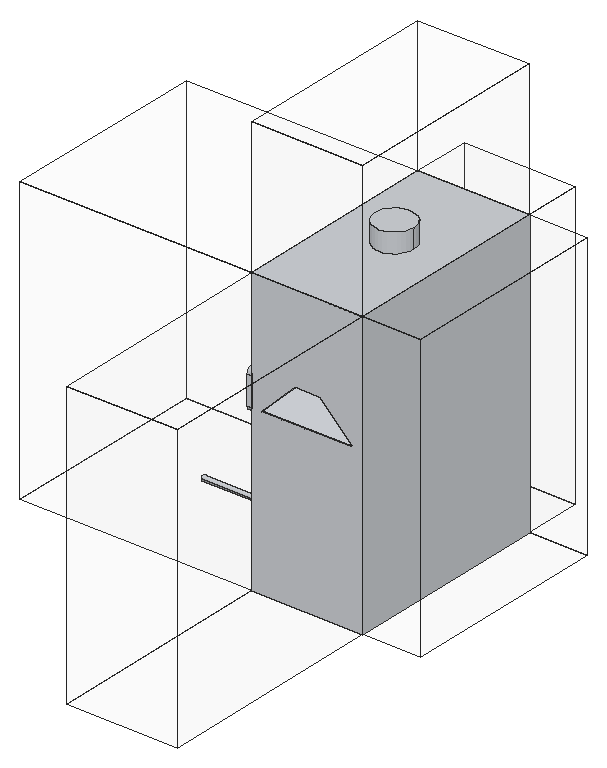
Revit family
Parameters (values of type "CBN045")
  void shape length = B_WIDTH - 2"  # 9 1/2"
  gas conn offset from back = 18 3/4"
  OUTPUT RATE (BTUH) = "36,900"
  A_HEIGHT = 29 1/2"
  B_WIDTH = 11 1/2"
  C_DEPTH = 21 1/2"
  DRAIN SIZE = 3/4"
  GAS CONN SIZE = gas conn radius * 2  # 1/2"
  VENT SIZE = vent radius * 2  # 4"
  WATER IN CONN SIZE = water inlet radius * 2  # 1 1/2"
  WATER OUT CONN SIZE = water outlet radius * 2  # 1 1/2"
  SES BIM Studio # = "201264901-31"
  Voltage/Heater = "120"
  Voltage/Control = "24"
  URL = "http://www.lochinvar.com/products/Default.aspx?type=ProductLine&lineid=17"
  Total Amps = "2"
  Model = "CBN045"
  Manufacturer = "Lochinvar"
  MODEL NO. = "CBN045"
  GALLON CAPACITY = ".8"
  INPUT RATE (BTUH) = "45,000"
  FUEL TYPE = "NATURAL GAS"
  Description = "Solution Boiler"
  Fuel Type = "Natural or LP"
  water conn height = 17"
  vent offset from back = 10 1/4"
  D_vent offset from right side = 5 3/4"
  gas conn offset from bottom = 6 3/4"
  front clearance = 24"
  gas conn radius = 1/4"
  left side clearance = 24"
  back clearance = 6"
  right side clearance = 6"
  top clearance = 14"
  vent radius = 2"
  water inlet radius = 3/4"
  water outlet radius = 3/4"
  # of Electrical Connections = "1"
Types (8): name | void shape length | OUTPUT RATE (BTUH) | B_WIDTH | GAS CONN SIZE | VENT SIZE | Model | MODEL NO. | GALLON CAPACITY | INPUT RATE (BTUH) | D_vent offset from right side | gas conn radius | top clearance | vent radius
  (no name) | 9 1/2" | "36,900" | 11 1/2" | 1/2" | 4" | "CBN045" | "CBN045" | ".8" | "45,000" | 5 3/4" | 1/4" | 14" | 2"
  CBN045 | 9 1/2" | "36,900" | 11 1/2" | 1/2" | 4" | "CBN045" | "CBN045" | ".8" | "45,000" | 5 3/4" | 1/4" | 14" | 2"
  CBN075 | 13 1/2" | "61.500" | 15 1/2" | 1/2" | 5" | "CBN075" | "CBN075" | ".8" | "75,000" | 7 3/4" | 1/4" | 14" | 2 1/2"
  CBN090 | 13 1/2" | "" | 15 1/2" | 1/2" | 5" | "CBN090" | "CBN090" | ".8" | "90,000" | 7 3/4" | 1/4" | 14" | 2 1/2"
  CBN135 | 17 1/2" | "" | 19 1/2" | 1/2" | 6" | "CBN135" | "CBN135" | ".8" | "135,000" | 9 3/4" | 1/4" | 14" | 3"
  CBN180 | 21 1/2" | "" | 23 1/2" | 3/4" | 7" | "CBN180" | "CBN180" | ".9" | "180,000" | 11 3/4" | 3/8" | 14" | 3 1/2"
  CBN215 | 24 1/2" | "" | 26 1/2" | 3/4" | 7" | "CBN215" | "CBN215" | ".9" | "215,000" | 13 1/4" | 3/8" | 29" | 3 1/2"
  CBN260 | 27 1/2" | "" | 29 1/2" | 3/4" | 8" | "CBN260" | "CBN260" | "1" | "260,000" | 14 3/4" | 3/8" | 29" | 4"
Reference planes (in)
  plane 1 "Center (Front/Back)": y = 2.33546
  plane 2: z = 0
  plane 3 "Center (Left/Right)": x = 0
  plane 4 "Rear Plane": y = 13.08546
  plane 5 "Front Plane": y = -8.41454
  plane 6 "Left Side Plane": x = -5.75
  plane 7 "Right Side Plane": x = 5.75
  plane 8 "Top Plane": z = 29.5
  plane 9 "Vent Offset from Rear": y = 2.83546
  plane 10 "Water Conn offset from bottom": z = 17
  plane 11 "Water conn offset from back": y = 6.08546
  plane 12 "Water conn center to center": y = -0.16454
  plane 13 "Gas conn offset from botton": z = 6.75
  plane 14 "Gas conn offset from back": y = -5.66454
  plane 15 "Vent Conn offset from back": y = 2.83546
  plane 16 "Vent conn offset from right side": x = 0
  plane 17 "air inlet offset from top": z = 28.5
  plane 18: x = 7.125
  plane 19 "air inlet bottom plane": z = 20.5
  plane 20 "front clearance": y = -32.41454
  plane 21 "left side clearance": x = -29.75
  plane 22 "right side clearance": x = 11.75
  plane 23: y = 19.08546
  plane 24: z = 43.5
  plane 25 "Void Shape": x = -4.75
Forms (in)
  Extrusion 1, solid
    sketch origin (0, 0, 0) x (1, 0, 0) y (0, 1, 0)
      loop
        line (-5.75, 13.08546) -> (-5.75, -8.41454) -> (5.75, -8.41454) -> (5.75, 13.08546) -> (-5.75, 13.08546)
    from 0 to 29.5
  Extrusion 2, solid
    sketch origin (-5.75, 9.75, 0) x (0, 1, 0) y (0, 0, 1)
      loop
        circle (-15.41454, 6.75) r 0.25
    from 0 to -7.25
  Extrusion 3, solid
    sketch origin (0, 0, 29.5) x (-1, 0, 0) y (0, -1, 0)
      loop
        circle (0, -2.83546) r 2
    from 0 to 2
  Extrusion 4, solid, material "Clearance"
    sketch origin (0, 0, 0) x (1, 0, 0) y (0, 1, 0)
      loop
        line (-5.75, -8.41454) -> (-5.75, -32.41454) -> (5.75, -32.41454) -> (5.75, -8.41454) -> (-5.75, -8.41454)
    from 0 to 29.5 <- "A_HEIGHT"
  Extrusion 5, solid, material "Clearance"
    sketch origin (0, 0, 0) x (1, 0, 0) y (0, 1, 0)
      loop
        line (-5.75, 13.08546) -> (-29.75, 13.08546) -> (-29.75, -8.41454) -> (-5.75, -8.41454) -> (-5.75, 13.08546)
    from 0 to 29.5 <- "A_HEIGHT"
  Extrusion 6, solid, material "Clearance"
    sketch origin (0, 0, 0) x (1, 0, 0) y (0, 1, 0)
      loop
        line (5.75, 13.08546) -> (5.75, -8.41454) -> (11.75, -8.41454) -> (11.75, 13.08546) -> (5.75, 13.08546)
    from 0 to 29.5 <- "A_HEIGHT"
  Extrusion 7, solid, material "Clearance"
    sketch origin (0, 0, 0) x (1, 0, 0) y (0, 1, 0)
      loop
        line (-5.75, 13.08546) -> (5.75, 13.08546) -> (5.75, 19.08546) -> (-5.75, 19.08546) -> (-5.75, 13.08546)
    from 0 to 29.5 <- "A_HEIGHT"
  Extrusion 8, solid, material "Clearance"
    sketch origin (0, 0, 29.5) x (-1, 0, 0) y (0, -1, 0)
      loop
        line (5.75, -13.08546) -> (5.75, 8.41454) -> (-5.75, 8.41454) -> (-5.75, -13.08546) -> (5.75, -13.08546)
    from 0 to 14
  Extrusion 9, void
    sketch origin (-4.75, 0, 0) x (0, 1, 0) y (0, 0, 1)
      loop
        line (-8.28954, 20.5) -> (-8.28954, 16.9998) -> (-4.78934, 20.5) -> (-8.28954, 20.5)
    from 0 to 9.5 <- "void shape length"
  Extrusion 10, void
    sketch origin (0, -8.41454, 0) x (1, 0, 0) y (0, 0, 1)
      loop
        line (-4.75, 17) -> (4.75, 17) -> (1.25, 20.5) -> (-1.25, 20.5) -> (-4.75, 17)
    from 0 to -0.125
  Extrusion 11, solid
    sketch origin (-5.75, 1.98624, 1.17359) x (0, 1, 0) y (0, 0, 1)
      loop
        line (5.84922, 17.07641) -> (-3.90078, 17.07641) -> (-3.90078, 14.57641) -> (5.84922, 14.57641) -> (5.84922, 17.07641)
    from 0 to -2
  Extrusion 12, solid
    sketch origin (-5.75, 7.83546, 18.25) x (0, -1, 0) y (1, 0, 0)
      loop
        circle (1.75, -1) r 0.75
      loop
        circle (8, -1) r 0.75
    from 0 to 0.125
  Extrusion 13, solid
    sketch origin (-5.75, 0, 0) x (0, 1, 0) y (0, 0, 1)
      loop
        line (-4.91454, 20.50945) -> (-7.91454, 20.50945)
        arc (-7.91454, 20.50945) -> (-8.26809, 20.363) -> (-8.41454, 20.00945) r 0.5
        line (-8.41454, 20.00945) -> (-8.41454, 17.00945)
        arc (-8.41454, 17.00945) -> (-8.26809, 16.65589) -> (-7.91454, 16.50945) r 0.5
        line (-7.91454, 16.50945) -> (-4.91454, 16.50945)
        arc (-4.91454, 16.50945) -> (-4.56099, 16.65589) -> (-4.41454, 17.00945) r 0.5
        line (-4.41454, 17.00945) -> (-4.41454, 20.00945)
        arc (-4.41454, 20.00945) -> (-4.56099, 20.363) -> (-4.91454, 20.50945) r 0.5
    from 0 to -0.5
Cuts and joins
  Extrusion 9, Extrusion 10 cuts Extrusion 1
  Extrusion 10 cuts Extrusion 4
Text (in)
  text "LEFT" at (-60.0409, 11.34615, 0), in view "Ref. Level"
  text "RIGHT" at (95.9591, 11.34615, 0), in view "Ref. Level"
  text "FRONT" at (3.05477, -68.89429, 0), in view "Ref. Level"
  text "BACK" at (3.05477, 70.10571, 0), in view "Ref. Level"
Dimensions and locks (in)
  equal spacing: plane 5 "Front Plane", plane 1 "Center (Front/Back)", plane 4 "Rear Plane"
  "C_DEPTH": plane 5 "Front Plane" to plane 4 "Rear Plane"
  equal spacing: plane 6 "Left Side Plane", plane 3 "Center (Left/Right)", plane 7 "Right Side Plane"
  "B_WIDTH": plane 6 "Left Side Plane" to plane 7 "Right Side Plane"
  "A_HEIGHT": plane 8 "Top Plane" to plane 2
  "water conn height": plane 10 "Water Conn offset from bottom" to level
  plane 4 "Rear Plane" to plane 11 "Water conn offset from back" = 7"
  locked: plane 11 "Water conn offset from back" to plane 12 "Water conn center to center" at 6.25
  "gas conn offset from bottom": plane 13 "Gas conn offset from botton" to level
  "gas conn offset from back": plane 4 "Rear Plane" to plane 14 "Gas conn offset from back"
  "vent offset from back": plane 15 "Vent Conn offset from back" to plane 4 "Rear Plane"
  "D_vent offset from right side": plane 16 "Vent conn offset from right side" to plane 7 "Right Side Plane"
  plane 17 "air inlet offset from top" to plane 8 "Top Plane" = 1"
  plane 19 "air inlet bottom plane" to plane 17 "air inlet offset from top" = 8"
  "front clearance": plane 20 "front clearance" to plane 5 "Front Plane"
  "left side clearance": plane 21 "left side clearance" to plane 6 "Left Side Plane"
  "right side clearance": plane 7 "Right Side Plane" to plane 22 "right side clearance"
  "back clearance": plane 4 "Rear Plane" to plane 23
  "top clearance": plane 24 to plane 8 "Top Plane"
  "void shape length": Extrusion 10 sketch curve to Extrusion 10 sketch curve
  locked: plane 6 "Left Side Plane" to plane 25 "Void Shape" at 1
  locked: Extrusion 10 sketch curve to Extrusion 10 sketch curve at 3.5
  locked: Extrusion 9 sketch curve to Extrusion 9 sketch curve at 3.5002
  locked: Extrusion 8 to Extrusion 2 sketch curve at 18.75
  Extrusion 9 sketch curve to Extrusion 9 sketch curve = 3.5002"
  locked: Extrusion 11 sketch curve to Extrusion 11 sketch curve at 9.75
  locked: Extrusion 11 sketch curve to Extrusion 11 sketch curve at 2.5
  plane 4 "Rear Plane" to Extrusion 11 = 5 1/4"
  locked: Extrusion 12 sketch curve to plane 4 "Rear Plane" at 7
  locked: Extrusion 12 sketch curve to plane 6 "Left Side Plane" at 1  (x2)
  locked: Extrusion 12 sketch curve to Extrusion 12 sketch curve at 6.25
  locked: Extrusion 11 to level at 18.25
  Extrusion 13 to Extrusion 13 = 4"  (x2)
  Extrusion 3 sketch curve to plane 4 "Rear Plane" = 10 1/4"
  "gas conn radius": radius of Extrusion 2 sketch curve
  "vent radius": radius of Extrusion 3 sketch curve
  "water outlet radius": radius of Extrusion 12 sketch curve
  aligned and locked: plane 8 "Top Plane" to Extrusion 1
  aligned and locked: plane 7 "Right Side Plane" to Extrusion 1
  aligned and locked: Extrusion 1 to plane 6 "Left Side Plane"
  aligned and locked: plane 9 "Vent Offset from Rear" to plane 15 "Vent Conn offset from back"
  aligned and locked: plane 24 to Extrusion 8
Automatic sketch dimensions
  plane 5 "Front Plane" to Extrusion 1 sketch curve = 0"
  Extrusion 1 sketch curve to plane 6 "Left Side Plane" = 0"
  plane 4 "Rear Plane" to Extrusion 1 sketch curve = 0"
  Extrusion 1 sketch curve to plane 7 "Right Side Plane" = 0"
  Extrusion 2 sketch curve to plane 13 "Gas conn offset from botton" = 0"
  Extrusion 4 sketch curve to plane 6 "Left Side Plane" = 0"
  Extrusion 4 sketch curve to plane 7 "Right Side Plane" = 0"
  plane 20 "front clearance" to Extrusion 4 sketch curve = 0"
  plane 5 "Front Plane" to Extrusion 4 sketch curve = 0"
  plane 4 "Rear Plane" to Extrusion 5 sketch curve = 0"
  Extrusion 5 sketch curve to plane 21 "left side clearance" = 0"
  Extrusion 5 sketch curve to plane 6 "Left Side Plane" = 0"
  plane 5 "Front Plane" to Extrusion 5 sketch curve = 0"
  plane 5 "Front Plane" to Extrusion 6 sketch curve = 0"
  Extrusion 6 sketch curve to plane 7 "Right Side Plane" = 0"
  plane 4 "Rear Plane" to Extrusion 6 sketch curve = 0"
  Extrusion 6 sketch curve to plane 22 "right side clearance" = 0"
  Extrusion 7 sketch curve to plane 6 "Left Side Plane" = 0"
  Extrusion 7 sketch curve to plane 7 "Right Side Plane" = 0"
  plane 4 "Rear Plane" to Extrusion 7 sketch curve = 0"
  plane 23 to Extrusion 7 sketch curve = 0"
  Extrusion 8 sketch curve to plane 7 "Right Side Plane" = 0"
  Extrusion 8 sketch curve to plane 6 "Left Side Plane" = 0"
  plane 5 "Front Plane" to Extrusion 8 sketch curve = 0"
  plane 4 "Rear Plane" to Extrusion 8 sketch curve = 0"
  plane 10 "Water Conn offset from bottom" to Extrusion 10 sketch curve = 0"
  Extrusion 10 sketch curve to plane 25 "Void Shape" = 0"
  plane 25 "Void Shape" to Extrusion 10 sketch curve = 3 1/2"
  Extrusion 10 sketch curve to plane 7 "Right Side Plane" = 4 1/2"
  Extrusion 9 sketch curve to plane 5 "Front Plane" = 1/8"
  Extrusion 9 sketch curve to plane 10 "Water Conn offset from bottom" = 0.0002"
  plane 10 "Water Conn offset from bottom" to Extrusion 13 sketch curve = 0.00945"  (x2)
  Extrusion 13 sketch curve to Extrusion 13 sketch curve = 1/2"  (x2)
  Extrusion 13 sketch curve to plane 14 "Gas conn offset from back" = 3/4"
  Extrusion 13 sketch curve to plane 19 "air inlet bottom plane" = 0.49055"  (x2)
  Extrusion 13 sketch curve to plane 5 "Front Plane" = 0"
  plane 12 "Water conn center to center" to Extrusion 11 sketch curve = 1 3/4"
  Extrusion 11 sketch curve to plane 10 "Water Conn offset from bottom" = 1 1/4"
  Extrusion 3 sketch curve to plane 3 "Center (Left/Right)" = 0"
  radius of Extrusion 12 sketch curve = 3/4"
Connectors (in)
  piping at (-13, -5.66454, 6.75), driven by "gas conn radius"
    settings: on Extrusion 2, index 3, connector radius 1/4", flow factor 0, pipe flow 0 GPM, pressure drop 0.00 psi, fitting loss kfactor 0, connector angle 0.00°, fixture units 0, flow configuration 0, flow direction 1, fitting loss method 0, system type 22, connector reference index -1, connector utility 0, adjustable connector no, is connector primary yes, fitting loss table "", connector description "Gas Conn Fitting"
  hvac at (0, 2.83546, 31.5), driven by "vent radius"
    settings: on Extrusion 3, index 4, duct flow 0 CFM, flow factor 0, pres drop 0.00 in-wg, loss coef 0, conn angle 0.00°, conn width 12", conn height 12", conn radius 2", duct sys type 1, conn prof type 0, flow config 0, flow direction 2, loss method 0, conn ref index -1, conn util no, is conn primary yes, conn desc "Exhaust Vent Conn"
  piping at (-6.75, 6.08546, 18.375), driven by "water outlet radius"
    settings: on Extrusion 12, index 5, connector radius 3/4", flow factor 0, pipe flow 0 GPM, pressure drop 0.00 psi, fitting loss kfactor 0, connector angle 0.00°, fixture units 0, flow configuration 0, flow direction 2, fitting loss method 0, system type 7, connector reference index -1, connector utility 0, adjustable connector no, is connector primary no, fitting loss table "", connector description "Water Outlet"
  piping at (-6.75, -0.16454, 18.375), driven by "water inlet radius"
    settings: on Extrusion 12, index 6, connector radius 3/4", flow factor 0, pipe flow 0 GPM, pressure drop 0.00 psi, fitting loss kfactor 0, connector angle 0.00°, fixture units 0, flow configuration 0, flow direction 1, fitting loss method 0, system type 8, connector reference index -1, connector utility 0, adjustable connector no, is connector primary no, fitting loss table "", connector description "Water Inlet"
  electrical at (-6.25, -6.41454, 18.50945)
    settings: on Extrusion 13, index 7, voltage 0 V, apparent load 0 VA, apparent load phase1 0 VA, apparent load phase2 0 VA, apparent load phase3 0 VA, power factor 1, load classification "Other", number of poles 1, system type 30, power factor state 1, is connector primary yes, connector utility no, sub classification motor no, connector description "Electrical Conn"
